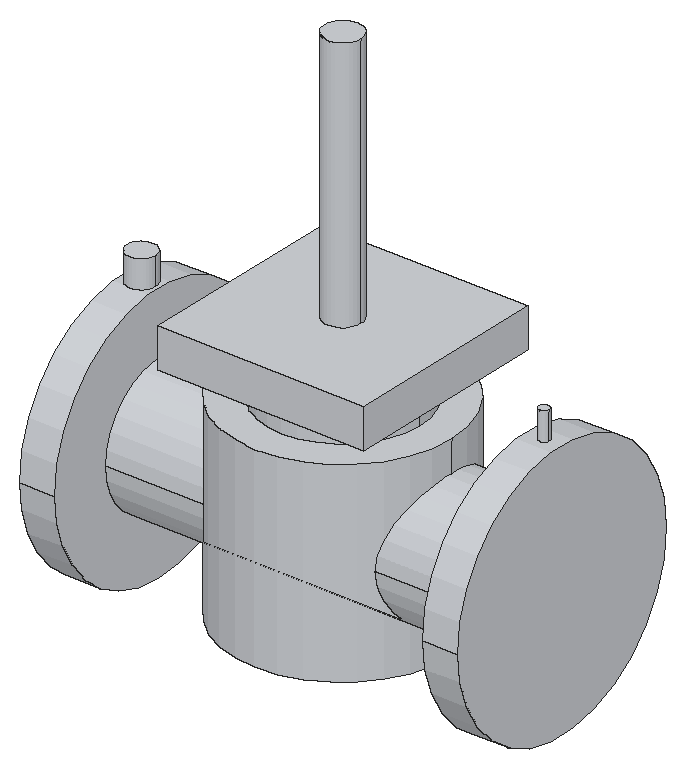
Revit family "OPTIMA_Compact_FLANGE_PN16_DN150-LF_RFA_2018", category Pipe Accessories, Revit 2018
Family settings
  Round Connector Dimension = Use Diameter
  Part Type = Valve - Breaks Into
  Work Plane-Based = No
  Always vertical = Yes
  Cut with Voids When Loaded = No
  Shared = No
Parameters (values of type "Optima Compact Flange PN16 DN150 LF")
  magiProductId = "Frese Optima Flange DN150 LF"
  magiProductFamilyId = "Frese Optima Flange *"
  magiPartTypeId = 304
  isMeasuringValve [instance] = no
  ang2D [instance] = 0.00°
  W2D = 50 mm
  VersionID = "2.0/2018.8.28.1/FRESE_OPTIMA_FLANGE_Q13_002"
  Use Minimum Symbol Size [instance] = yes
  URL = "www.hydronic.cz"
  Type Comments = "Přírubový; PN16; 0~110°C, s měřením"
  R4 = 84 mm
  R3 = 74.1 mm
  R1 = 120 mm
  QmdConnectorList = "301;D;302;D"
  Productdata [instance] = ""
  Manufacturer = "Hydronic Systems Prague s.r.o."
  MC Product Code = "53-1205 (DN150 LF; 43mm; pohon min 1500N; Qmin-dpmin 25600l/h-21.0kPa; Qmax-dpmin 148000l/h-35.0kPa; dpmax 800kPa)"
  MC Piping Given Pressure Drop [instance] = 0.0 Pa
  LF__ve = -LF  # -38.4 mm
  LF2 = 19.2 mm
  LF = 38.4 mm
  L4 = 225.6 mm
  L3 = 403.2 mm
  L2D_Min = 3048 mm
  L2D = 230 mm
  L2 = 240 mm
  H6 = 279.25 mm
  H4 = 42.75 mm
  H3 = 35.625 mm
  H2 = 106.875 mm
  H1 = 213.75 mm
  Description = "Tlakově nezávislý 2-cestný regulační vyvažovací ventil (PICV)"
  DF2 = 142.5 mm
  D = 150 mm
  CAT0 = yes
Types (14, lengths in mm): name | magiProductId | magiProductFamilyId | W2D | Type Comments | R4 | R3 | R1 | MC Product Code | LF__ve | LF2 | LF | L4 | L3 | L2D | L2 | H6 | H4 | H3 | H2 | H1 | DF2 | D
  Optima Compact Flange PN16 DN050 LF | "Frese Optima Flange DN050 LF" | "Frese Optima Flange *" | 50 | "Přírubový; PN16; 0~120°C, s měřením" | 40.3 | 42.9 | 57.5 | "53-1200 (DN50 LF; 20mm; pohon min 1000N; Qmin-dpmin 2500l/h-6.5kPa; Qmax-dpmin 15000l/h-20.0kPa; dpmax 800kPa)" | -18.4 | 9.2 | 18.4 | 108.1 | 193.2 | 230 | 115 | 157.3 | 24.8 | 20.6 | 61.9 | 123.8 | 82.5 | 50
  Optima Compact Flange PN16 DN050 HF | "Frese Optima Flange DN050 HF" | "Frese Optima Flange *" | 50 | "Přírubový; PN16; 0~120°C, s měřením" | 40.25 | 42.9 | 57.5 | "53-1210 (DN50 HF; 20mm; pohon min 1000N; Qmin-dpmin 3900l/h-19.0kPa; Qmax-dpmin 24000l/h-50.0kPa; dpmax 800kPa)" | -18.4 | 9.2 | 18.4 | 108.1 | 193.2 | 230 | 115 | 157.25 | 24.75 | 20.625 | 61.875 | 123.75 | 82.5 | 50
  Optima Compact Flange PN16 DN065 LF | "Frese Optima Flange DN065 LF" | "Frese Optima Flange *" | 50 | "Přírubový; PN16; 0~120°C, s měřením" | 50.75 | 48.1 | 72.5 | "53-1201 (DN65 LF; 20mm; pohon min 1000N; Qmin-dpmin 4400l/h-15.0kPa; Qmax-dpmin 25000l/h-25.0kPa; dpmax 800kPa)" | -23.2 | 11.6 | 23.2 | 136.3 | 243.6 | 230 | 145 | 171.25 | 27.75 | 23.125 | 69.375 | 138.75 | 92.5 | 65
  Optima Compact Flange PN16 DN065 HF | "Frese Optima Flange DN065 HF" | "Frese Optima Flange *" | 50 | "Přírubový; PN16; 0~120°C, s měřením" | 50.75 | 48.1 | 72.5 | "53-1211 (DN65 HF; 20mm; pohon min 1000N; Qmin-dpmin 6000l/h-30.0kPa; Qmax-dpmin 35000l/h-55.0kPa; dpmax 800kPa)" | -23.2 | 11.6 | 23.2 | 136.3 | 243.6 | 230 | 145 | 171.25 | 27.75 | 23.125 | 69.375 | 138.75 | 92.5 | 65
  Optima Compact Flange PN16 DN080 LF | "Frese Optima Flange DN080 LF" | "Frese Optima Flange *" | 50 | "Přírubový; PN16; 0~120°C, s měřením" | 54.25 | 52 | 77.5 | "53-1202 (DN80 LF; 20mm; pohon min 1000N; Qmin-dpmin 5300l/h-16.0kPa; Qmax-dpmin 34000l/h-25.0kPa; dpmax 800kPa)" | -24.8 | 12.4 | 24.8 | 145.7 | 260.4 | 230 | 155 | 183 | 30 | 25 | 75 | 150 | 100 | 80
  Optima Compact Flange PN16 DN080 HF | "Frese Optima Flange DN080 HF" | "Frese Optima Flange *" | 50 | "Přírubový; PN16; 0~120°C, s měřením" | 54.25 | 52 | 77.5 | "53-1212 (DN80 HF; 20mm; pohon min 1000N; Qmin-dpmin 7000l/h-23.0kPa; Qmax-dpmin 43000l/h-50.0kPa; dpmax 800kPa)" | -24.8 | 12.4 | 24.8 | 145.7 | 260.4 | 230 | 155 | 183 | 30 | 25 | 75 | 150 | 100 | 80
  Optima Compact Flange PN16 DN100 LF | "Frese Optima Flange DN100 LF" | "Frese Optima Flange *" | 50 | "Přírubový; PN16; 0~120°C, s měřením" | 61.25 | 61.1 | 87.5 | "53-1203 (DN100 LF; 40mm; pohon min 1000N; Qmin-dpmin 12100l/h-20.0kPa; Qmax-dpmin 68000l/h-35.0kPa; dpmax 800kPa)" | -28 | 14 | 28 | 164.5 | 294 | 230 | 175 | 268.75 | 35.25 | 29.375 | 88.125 | 176.25 | 117.5 | 100
  Optima Compact Flange PN16 DN100 HF | "Frese Optima Flange DN100 HF" | "Frese Optima Flange *" | 50 | "Přírubový; PN16; 0~120°C, s měřením" | 61.25 | 61.1 | 87.5 | "53-1213 (DN100 HF; 40mm; pohon min 1000N; Qmin-dpmin 14800l/h-30.0kPa; Qmax-dpmin 90000l/h-75.0kPa; dpmax 800kPa)" | -28 | 14 | 28 | 164.5 | 294 | 230 | 175 | 268.75 | 35.25 | 29.375 | 88.125 | 176.25 | 117.5 | 100
  Optima Compact Flange PN16 DN125 LF | "Frese Optima Flange DN125 LF" | "Frese Optima Flange *" | 50 | "Přírubový; PN16; 0~120°C, s měřením" | 70 | 70.2 | 100 | "53-1204 (DN125 LF; 40mm; pohon min 1000N; Qmin-dpmin 18500l/h-16.0kPa; Qmax-dpmin 110000l/h-35.0kPa; dpmax 800kPa)" | -32 | 16 | 32 | 188 | 336 | 230 | 200 | 275.5 | 40.5 | 33.75 | 101.25 | 202.5 | 135 | 125
  Optima Compact Flange PN16 DN125 HF | "Frese Optima Flange DN125 HF" | "Frese Optima Flange *" | 50 | "Přírubový; PN16; 0~120°C, s měřením" | 70 | 70.2 | 100 | "53-1214 (DN125 HF; 40mm; pohon min 1000N; Qmin-dpmin 23000l/h-27.0kPa; Qmax-dpmin 135000l/h-53.0kPa; dpmax 800kPa)" | -32 | 16 | 32 | 188 | 336 | 230 | 200 | 275.5 | 40.5 | 33.75 | 101.25 | 202.5 | 135 | 125
  Optima Compact Flange PN16 DN150 LF | "Frese Optima Flange DN150 LF" | "Frese Optima Flange *" | 50 | "Přírubový; PN16; 0~110°C, s měřením" | 84 | 74.1 | 120 | "53-1205 (DN150 LF; 43mm; pohon min 1500N; Qmin-dpmin 25600l/h-21.0kPa; Qmax-dpmin 148000l/h-35.0kPa; dpmax 800kPa)" | -38.4 | 19.2 | 38.4 | 225.6 | 403.2 | 230 | 240 | 279.25 | 42.75 | 35.625 | 106.875 | 213.75 | 142.5 | 150
  Optima Compact Flange PN16 DN150 HF | "Frese Optima Flange DN150 HF" | "Frese Optima Flange *" | 50 | "Přírubový; PN16; 0~110°C, s měřením" | 84 | 74.1 | 120 | "53-1215 (DN150 HF; 43mm; pohon min 1500N; Qmin-dpmin 32000l/h-33.0kPa; Qmax-dpmin 195000l/h-65.0kPa; dpmax 800kPa)" | -38.4 | 19.2 | 38.4 | 225.6 | 403.2 | 230 | 240 | 279.25 | 42.75 | 35.625 | 106.875 | 213.75 | 142.5 | 150
  Optima Compact Flange PN16 DN200 LF | "" | "" | 100 | "Přírubový; PN16; 0~110°C, s měřením" | 164.5 | 98.8 | 235 | "53-1206 (DN200 LF; 43mm; pohon min 1500N; Qmin-dpmin 95000l/h-11.0kPa; Qmax-dpmin 210000l/h-32.0kPa; dpmax 800kPa)" | -48 | 24 | 48 | 282 | 504 | 350 | 300 | 281 | 57 | 15 | 209 | 380 | 190 | 200
  Optima Compact Flange PN16 DN200 HF | "" | "" | 100 | "Přírubový; PN16; 0~110°C, s měřením" | 164.5 | 98.8 | 235 | "53-1216 (DN200 HF; 43mm; pohon min 1500N; Qmin-dpmin 130000l/h-31.0kPa; Qmax-dpmin 280000l/h-78.0kPa; dpmax 800kPa)" | -48 | 24 | 48 | 282 | 504 | 350 | 300 | 281 | 57 | 15 | 209 | 380 | 190 | 200
Reference planes
  plane 1 "Center (Front/Back)": y = 0
  plane 2 "XYPLANE": z = 0
  plane 3 "Center (Left/Right)": x = 0
  plane 4 "157": x = 220.8
  plane 5 "156": x = -220.8
  plane 6 "155": z = 142.5
  plane 7 "154": z = 185.25
  plane 8 "153": z = 142.5
  plane 9 "152": z = 106.875
  plane 10 "151": x = -201.6
  plane 11 "150": z = -106.875
  plane 12 "149": x = 0
  plane 13 "148": y = 0
  plane 14 "147": z = 0
  plane 15 "146": x = -240
  plane 16 "145": x = 240
Forms (mm)
  Extrusion 1, solid, visible <- "CAT0"
    sketch origin (-750, 0, 142.5) x (1, 0, 0) y (0, 1, 0)
      loop
        circle (970.8, 0) r 5.5
    from 0 to 30
  Extrusion 2, solid, visible <- "CAT0"
    sketch origin (-750, 0, 142.5) x (1, 0, 0) y (0, 1, 0)
      loop
        circle (529.2, 0) r 15.5
    from 0 to 30
  Extrusion 3, solid, visible <- "CAT0"
    sketch origin (-750, 0, 185.25) x (1, 0, 0) y (0, 1, 0)
      loop
        circle (750, 0) r 20
    from 0 to 279.25 <- "H6"
  Extrusion 4, solid, visible <- "CAT0"
    sketch origin (-750, 0, 142.5) x (1, 0, 0) y (0, 1, 0)
      loop
        line (862.8, 112.8) -> (637.2, 112.8) -> (637.2, -112.8) -> (862.8, -112.8) -> (862.8, 112.8)
    from 0 to 42.75 <- "H4"
  Extrusion 5, solid, visible <- "CAT0"
    sketch origin (-750, 0, 106.875) x (1, 0, 0) y (0, 1, 0)
      loop
        circle (750, 0) r 84
    from 0 to 35.625 <- "H3"
  Extrusion 6, solid, visible <- "CAT0"
    sketch origin (-201.6, -750, 0) x (0, 1, 0) y (0, 0, 1)
      loop
        circle (750, 0) r 74.1
    from 0 to 403.2 <- "L3"
  Extrusion 7, solid, visible <- "CAT0"
    sketch origin (-750, 0, -106.875) x (1, 0, 0) y (0, 1, 0)
      loop
        circle (750, 0) r 120
    from 0 to 213.75 <- "H1"
  Extrusion 8, solid, visible <- "CAT0"
    sketch origin (-240, -750, 0) x (0, 1, 0) y (0, 0, 1)
      loop
        circle (750, 0) r 142.5
    from 0 to 38.4 <- "LF"
  Extrusion 9, solid, visible <- "CAT0"
    sketch origin (240, -750, 0) x (0, 1, 0) y (0, 0, 1)
      loop
        circle (750, 0) r 142.5
    from 0 to -38.4 <- "LF__ve"
  Extrusion 10, solid, not visible
    sketch origin (-240, -750, 0) x (0, 1, 0) y (0, 0, 1)
      loop
        circle (750, 0) r 10
    from 0 to 10
  Extrusion 11, solid, not visible
    sketch origin (240, -750, 0) x (0, 1, 0) y (0, 0, 1)
      loop
        circle (750, 0) r 10
    from 0 to -10
Lines and regions (mm)
  reference lines, not visible
    curve 1: circle (2, 2, 0) r 1 normal (0, 0, 1)
  reference lines
    curve 2: circle (0, 0, 142.5) r 1 normal (0, 0, 1)
Dimensions and locks
  plane 1 "Center (Front/Back)" to curve 1 = 2 mm
  "LF2": plane 16 "145" to plane 4 "157"
  "LF2": plane 15 "146" to plane 5 "156"
  "DF2": plane 2 "XYPLANE" to plane 6 "155"
  "H4": plane 8 "153" to plane 7 "154"
  "H3": plane 9 "152" to plane 8 "153"
  "H1": plane 11 "150" to plane 9 "152"
  "LF": plane 15 "146" to plane 10 "151"
  "H2": plane 2 "XYPLANE" to plane 11 "150"
  locked: plane 3 "Center (Left/Right)" to plane 12 "149"
  locked: plane 1 "Center (Front/Back)" to plane 13 "148"
  locked: plane 2 "XYPLANE" to plane 14 "147"
  "L2": plane 3 "Center (Left/Right)" to plane 15 "146"
  "L2": plane 3 "Center (Left/Right)" to plane 16 "145"
  equal spacing: Extrusion 4 sketch curve, curve 2, Extrusion 4 sketch curve  (x2)
  "L4": Extrusion 4 sketch curve to Extrusion 4 sketch curve  (x2)
  Extrusion 4 sketch curve to Extrusion 4 sketch curve = 0 mm  (x8)
  "R4": radius of Extrusion 5 sketch curve
  "R3": radius of Extrusion 6 sketch curve
  "R1": radius of Extrusion 7 sketch curve
  "DF2": radius of Extrusion 8 sketch curve
  "DF2": radius of Extrusion 9 sketch curve
  aligned and locked: level to plane 2 "XYPLANE"
  aligned and locked: plane 4 "157" to Extrusion 1 sketch curve
  aligned and locked: plane 13 "148" to Extrusion 1 sketch curve
  aligned and locked: plane 5 "156" to Extrusion 2 sketch curve
  aligned and locked: plane 13 "148" to Extrusion 2 sketch curve
  aligned and locked: plane 12 "149" to Extrusion 3 sketch curve
  aligned and locked: plane 13 "148" to Extrusion 3 sketch curve
  aligned and locked: plane 12 "149" to curve 2
  aligned and locked: plane 13 "148" to curve 2
  aligned and locked: plane 12 "149" to Extrusion 5 sketch curve
  aligned and locked: plane 13 "148" to Extrusion 5 sketch curve
  aligned and locked: Extrusion 6 sketch curve to plane 13 "148"
  aligned and locked: plane 14 "147" to Extrusion 6 sketch curve
  aligned and locked: plane 12 "149" to Extrusion 7 sketch curve
  aligned and locked: plane 13 "148" to Extrusion 7 sketch curve
  aligned and locked: Extrusion 8 sketch curve to plane 13 "148"
  aligned and locked: plane 14 "147" to Extrusion 8 sketch curve
  aligned and locked: Extrusion 9 sketch curve to plane 13 "148"
  aligned and locked: plane 14 "147" to Extrusion 9 sketch curve
  aligned and locked: Extrusion 10 sketch curve to plane 13 "148"
  aligned and locked: plane 14 "147" to Extrusion 10 sketch curve
  aligned and locked: Extrusion 11 sketch curve to plane 13 "148"
  aligned and locked: plane 14 "147" to Extrusion 11 sketch curve
Automatic sketch dimensions
  Extrusion 1 sketch curve to plane 4 "157" = 5.5 mm
  plane 15 "146" to Extrusion 2 sketch curve = 3.7 mm
  Extrusion 3 sketch curve to plane 3 "Center (Left/Right)" = 20 mm
  plane 1 "Center (Front/Back)" to Extrusion 10 sketch curve = 10 mm
  plane 1 "Center (Front/Back)" to Extrusion 11 sketch curve = 10 mm
  plane 3 "Center (Left/Right)" to curve 1 = 2 mm
  plane 10 "151" to Extrusion 4 sketch curve = 88.8 mm
  plane 1 "Center (Front/Back)" to Extrusion 4 sketch curve = 112.8 mm
  radius of curve 2 = 1 mm
  radius of curve 1 = 1 mm
Connectors
  piping at (-240, 0, 0), diameter 150, driven by "D"
    settings: on Extrusion 10, index 1, connector inside diameter 609.6 mm, connector length 0 mm, flow factor 0, pipe flow 0.0 L/s, pressure drop 0.0 Pa, fitting loss kfactor 0, connector angle 0.00°, fixture units 0, engagement length 0 mm, angle of deflection 0.00°, flow configuration 0, flow direction 0, fitting loss method 0, system type 29, joint type 0, gender type 0, connector reference index 2, connector utility 0, adjustable connector no, is connector primary yes, connector description ""
  piping at (240, 0, 0), diameter 150, driven by "D"
    settings: on Extrusion 11, index 2, connector inside diameter 609.6 mm, connector length 0 mm, flow factor 0, pipe flow 0.0 L/s, pressure drop 0.0 Pa, fitting loss kfactor 0, connector angle 0.00°, fixture units 0, engagement length 0 mm, angle of deflection 0.00°, flow configuration 0, flow direction 0, fitting loss method 0, system type 29, joint type 0, gender type 0, connector reference index 1, connector utility 0, adjustable connector no, is connector primary no, connector description ""
